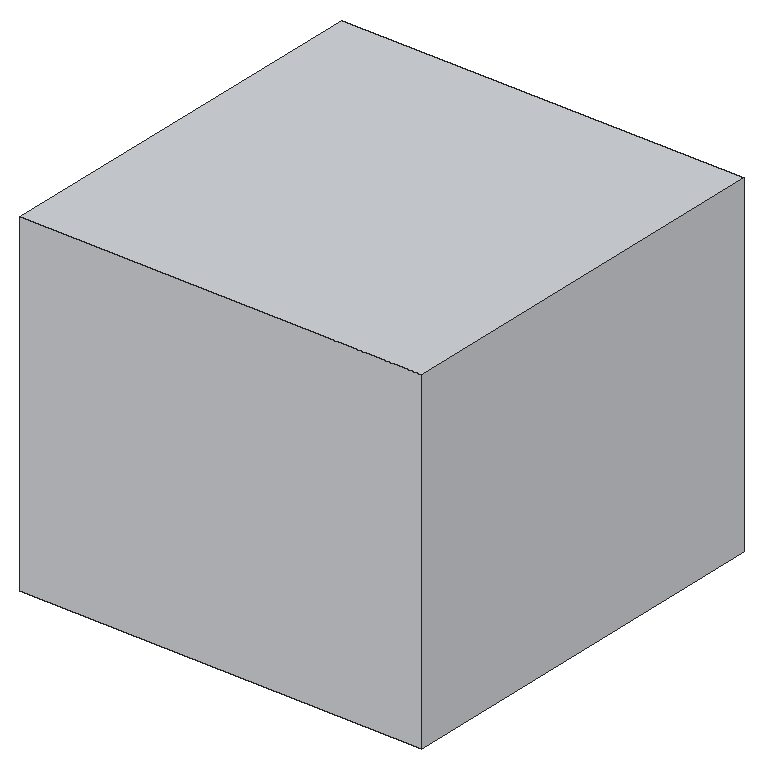
Revit family "defaultFamily", category Generic Models, Revit 2027
Family settings
  Can host rebar = No
  Round Connector Dimension = Use Diameter
  Part Type = Normal
  Work Plane-Based = No
  Always vertical = Yes
  Cut with Voids When Loaded = No
  Maintain Annotation Orientation = No
  Shared = No
  Room Calculation Point = No
Parameters
  Default Elevation = 0 mm
Reference planes
  plane 1 "Center (Front/Back)": y = 0
  plane 2: z = 0
  plane 3 "Center (Left/Right)": x = 0
Forms (mm)
  Extrusion 1, solid
    sketch origin (0, 0, 0) x (1, 0, 0) y (0, 1, 0)
      loop
        line (0, 0) -> (300, 0) -> (300, 300) -> (0, 300) -> (0, 0)
    from 0 to 250
Dimensions and locks
  aligned and locked: level to plane 2
